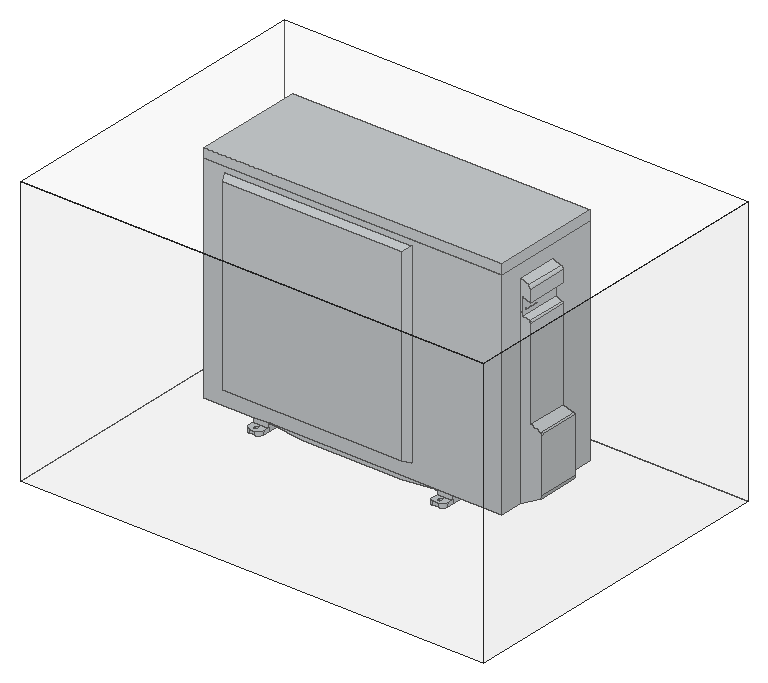
Revit family "puz-ermp40_63ska16_60hz", category 機械設備, Revit 2023
Family settings
  丸型コネクタ寸法 = 直径を使用
  パーツ タイプ = 標準
  OmniClass 番号 = 23.75.10.24.21.27.27
  OmniClass タイトル = Split System Air Conditioning Units
  作業面ベース = いいえ
  常に垂直 = はい
  ロード時にボイドで切り取り = いいえ
  注釈の向きを維持 = いいえ
  共有 = いいえ
  部屋計算ポイント = いいえ
Parameters (values of type "PUZ-ERMP40KA16")
  風量_冷房 (㎥/min) = 45
  風量 = [風量_冷房 (㎥/min)] * 60.0 m³/h  # 2700.0 m³/h
  音響パワーレベル_暖房 (dB) = 66
  音響パワーレベル_冷房 (dB) = 64
  音響パワーレベル(dB) = [音響パワーレベル_暖房 (dB)]  # 66
  電源種別 = ""
  電源位置Y = 61 mm
  電源位置Z = 497.7 mm
  電源位置X = 400 mm
  電圧 = 200 V
  電動機出力_送風機 = 0.04 kW
  電動機出力_圧縮機 = 0.7 kW
  集中コントローラ [instance] = ""
  運転質量 = 0.00 kg
  運転方法 = "冷暖切替"
  質量 = if(製品質量 > 運転質量, 製品質量, 運転質量) * 1.2  # 45.60 kg
  負荷分類 = 1_熱源類
  説明 = "空冷H/P PAC インバータ室外機"
  設計暖房能力 [instance] = 0 kW
  設計冷房能力_顕熱 [instance] = 0 kW
  設計冷房能力 [instance] = 0 kW
  設置方法 = "床置形"
  記号 [instance] = ""
  製造元 = "三菱電機株式会社"
  製品質量 = 38.00 kg
  製品出荷対象 = "国内"
  製品リリース年月 = "2026/5/11"
  系統 [instance] = ""
  符号 = "PAC"
  積算_科目 = "1 空気調和設備"
  積算_拾い区分 [instance] = ""
  相 = 3
  盤記号 [instance] = ""
  発停方法 = "別売リモコン"
  特殊仕様 [instance] = ""
  消費電力_暖房 = 0 kW
  消費電力_冷房 = 0 kW
  消費電力 = if(消費電力_冷房 > 消費電力_暖房, 消費電力_冷房, 消費電力_暖房)  # 0 kW
  法定耐用年数 = "6"
  極数 = 3
  材質 [instance] = ""
  本体マテリアル = Galvanized steel plate
  最小電線太さ_mm2 = 2
  暖房能力 = 4 kW
  既定の高さ = 0 mm
  推奨ブレーカー容量 = 15 A
  据付ピッチ1 = 0 mm
  形式 = "パッケージ形 室外機"
  形名 = PUZ-EZRMP-1 : PUZ-EZRMP-1
  幹線記号 [instance] = ""
  始動方式 = "インバータ"
  呼称 = "パッケージ形空気調和機_室外機"
  周波数 = 60 Hz
  価格 = 0
  ドレン　位置Z = 8.5 mm
  ドレン　位置Y = 48.5 mm
  ドレン　位置X = 404.5 mm
  アンカーボルト位置Y = 330 mm
  アンカーボルト位置X = 500 mm
  参照している仕様書等のバージョン = "公共建築物標準仕様書（機械設備工事編）平成31年度版"
  分類コード = "50053003126100"
  分類グループ = "設備"
  冷房能力 = 3.6 kW
  冷媒管（ガス）位置X = 420 mm
  冷媒管（液）位置X = 420 mm
  冷媒管（液）位置Y = 153.75 mm
  冷媒管（ガス）位置Y = 153.75 mm
  冷媒管長 [instance] = 0 mm
  冷媒管径符号 = "Ac"
  冷媒管径 = 60.00 mm
  冷媒管位置Z = 158.95 mm
  冷媒管位置Y = (冷媒管（液）位置Y + 冷媒管（ガス）位置Y) / 2  # 153.75 mm
  冷媒管位置X = (冷媒管（液）位置X + 冷媒管（ガス）位置X) / 2  # 420 mm
  冷媒液管径 = 6.35 mm
  冷媒ガス管径 = 12.70 mm
  企業コード = "108420"
  付属品 [instance] = ""
  ユニット数 = 1
  ユニット3 = yes
  ユニット2 = yes
  モデル = "PUZ-ERMP40KA16"
  ドレン管径 = 42.00 mm
  サービススペース = yes
  コメント [instance] = ""
  ケーブル種類1 = ""
  【値が 0 の項目は組合せ形名にてご確認ください】 = ""
  Width = 809 mm
  Version = ""
  Uniclass2015Version = "Systems v1.9"
  Uniclass2015Title = "Split coil remote air cooled condensing units"
  Uniclass2015Code = "Pr_70_65_03_84"
  URL = "https://www.mitsubishielectric.co.jp/ldg/wink/qr/002/364573"
  SpecificationReference = ""
  SpecificationDescription = ""
  Revision = ""
  ProductInformation = ""
  OmniClassCode = "23-33 17 13 11"
  IfcTypeProduct = ""
  IfcProduct = ""
  IfcExportType = "AIRCONDITIONINGUNIT"
  IfcExportAs = "IfcUnitaryEquipmentType"
  Height = 630 mm
  Depth = 300 mm
  Clearance Top = 100 mm
  Clearance Right = 350 mm
  Clearance Left = 100 mm
  Clearance Front = 500 mm
  Clearance Bottom = 0 mm
  Clearance Back = 100 mm
  COP = 0
  BLCJ仕様バージョン = "2.0"
  Author = "三菱電機株式会社"
  APF = 0
Reference planes
  plane 1 "中心(正面/背面)": y = 74
  plane 2: z = 0
  plane 3 "中心(左/右)": x = 830
  plane 4 "右": x = 1234.5
  plane 5 "左": x = 425.5
  plane 6 "背面": y = 224
  plane 7 "正面": y = -76
  plane 8 "上部": z = 630
  plane 9 "Clearanse Top": z = 730
  plane 10 "SS_back": y = 324
  plane 11 "SS_front": y = -576
  plane 12 "SS_left": x = 325.5
  plane 13 "SS_right": x = 1584.5
  plane 14: z = 0
  plane 15: y = -15
  plane 16: x = 1230
  plane 17: z = 497.7
  plane 18: y = -13
  plane 19: y = 70.25
  plane 20: x = 1250
  plane 21: y = 175.5
  plane 22: x = 830
  plane 23: z = 10.5
  plane 24: z = 8.5
  plane 25: x = 580
  plane 26: x = 1080
  plane 27: y = 239
  plane 28: y = -91
Forms (mm)
  Extrusion 1, solid, detail levels fine
    sketch origin (0, -76, 0) x (1, 0, 0) y (0, 0, 1)
      loop
        circle (1230, 497.7) r 13.5
    from -63 to -61
  Extrusion 2, solid, detail levels fine
    sketch origin (-1437.329, -1524, 54) x (-1, 0, 0) y (0, -1, 0)
      loop
        circle (-2267.329, -1699.5) r 21
    from -45.5 to -43.5
  Sweep 3, solid, material "Galvanized steel plate" <- "本体マテリアル", detail levels fine
    path origin (1250, 1296.25, 1200) x (0, 1, 0) y (0, 0, 1)
      loop
        line (-1226, -1041.05) -> (-1272.623, -1084.565)
    profile origin (1250, 46.939, 137.193) x (0, 0.682318, -0.731055) y (1, 0, 0)
      loop
        circle (0, 0) r 30
Lines and regions (mm)
  model lines, not visible
    curve 1: line (460, 178.667, 1289.179) -> (460, 297.73, 1289.179)
    curve 2: line (460, 178.667, 1056.056) -> (460, 178.667, 1289.179)
    curve 3: line (460, 297.73, 1056.056) -> (460, 178.667, 1056.056)
    curve 4: line (460, 297.73, 1289.179) -> (460, 297.73, 1056.056)
    curve 5: line (460, 47.598, 1289.179) -> (460, 166.661, 1289.179)
    curve 6: line (460, 47.598, 1056.056) -> (460, 47.598, 1289.179)
    curve 7: line (460, 166.661, 1056.056) -> (460, 47.598, 1056.056)
    curve 8: line (460, 166.661, 1289.179) -> (460, 166.661, 1056.056)
    curve 9: line (460, -83.471, 1289.179) -> (460, 35.592, 1289.179)
    curve 10: line (460, -83.471, 1056.056) -> (460, -83.471, 1289.179)
    curve 11: line (460, 35.592, 1056.056) -> (460, -83.471, 1056.056)
    curve 12: line (460, 35.592, 1289.179) -> (460, 35.592, 1056.056)
    curve 13: line (460, -150.779, 1289.179) -> (460, -95.75, 1289.179)
    curve 14: line (460, -150.779, 1056.056) -> (460, -150.779, 1289.179)
    curve 15: line (460, -95.75, 1056.056) -> (460, -150.779, 1056.056)
    curve 16: line (460, -95.75, 1289.179) -> (460, -95.75, 1056.056)
    curve 17: line (460, -150.779, 1283.175) -> (460, -132.596, 1283.175)
    curve 18: line (460, -150.779, 1062.059) -> (460, -150.779, 1283.175)
    curve 19: line (460, -132.596, 1062.059) -> (460, -150.779, 1062.059)
    curve 20: line (460, -132.596, 1283.175) -> (460, -132.596, 1062.059)
    curve 21: line (460, 178.667, 1046.051) -> (460, 297.73, 1046.051)
    curve 22: line (460, 178.667, 812.928) -> (460, 178.667, 1046.051)
    curve 23: line (460, 297.73, 812.928) -> (460, 178.667, 812.928)
    curve 24: line (460, 297.73, 1046.051) -> (460, 297.73, 812.928)
    curve 25: line (460, 47.598, 1046.051) -> (460, 166.661, 1046.051)
    curve 26: line (460, 47.598, 812.928) -> (460, 47.598, 1046.051)
    curve 27: line (460, 166.661, 812.928) -> (460, 47.598, 812.928)
    curve 28: line (460, 166.661, 1046.051) -> (460, 166.661, 812.928)
    curve 29: line (460, -83.471, 1046.051) -> (460, 35.592, 1046.051)
    curve 30: line (460, -83.471, 812.928) -> (460, -83.471, 1046.051)
    curve 31: line (460, 35.592, 812.928) -> (460, -83.471, 812.928)
    curve 32: line (460, 35.592, 1046.051) -> (460, 35.592, 812.928)
    curve 33: line (460, -150.779, 1046.051) -> (460, -95.75, 1046.051)
    curve 34: line (460, -150.779, 812.928) -> (460, -150.779, 1046.051)
    curve 35: line (460, -95.75, 812.928) -> (460, -150.779, 812.928)
    curve 36: line (460, -95.75, 1046.051) -> (460, -95.75, 812.928)
    curve 37: line (460, -150.779, 1040.048) -> (460, -132.596, 1040.048)
    curve 38: line (460, -150.779, 818.931) -> (460, -150.779, 1040.048)
    curve 39: line (460, -132.596, 818.931) -> (460, -150.779, 818.931)
    curve 40: line (460, -132.596, 1040.048) -> (460, -132.596, 818.931)
    curve 41: line (460, 178.667, 802.923) -> (460, 297.73, 802.923)
    curve 42: line (460, 178.667, 569.8) -> (460, 178.667, 802.923)
    curve 43: line (460, 297.73, 569.8) -> (460, 178.667, 569.8)
    curve 44: line (460, 297.73, 802.923) -> (460, 297.73, 569.8)
    curve 45: line (460, 47.598, 802.923) -> (460, 166.661, 802.923)
    curve 46: line (460, 47.598, 569.8) -> (460, 47.598, 802.923)
    curve 47: line (460, 166.661, 569.8) -> (460, 47.598, 569.8)
    curve 48: line (460, 166.661, 802.923) -> (460, 166.661, 569.8)
    curve 49: line (460, -83.471, 802.923) -> (460, 35.592, 802.923)
    curve 50: line (460, -83.471, 569.8) -> (460, -83.471, 802.923)
    curve 51: line (460, 35.592, 569.8) -> (460, -83.471, 569.8)
    curve 52: line (460, 35.592, 802.923) -> (460, 35.592, 569.8)
    curve 53: line (460, -150.779, 802.923) -> (460, -95.75, 802.923)
    curve 54: line (460, -150.779, 569.8) -> (460, -150.779, 802.923)
    curve 55: line (460, -95.75, 569.8) -> (460, -150.779, 569.8)
    curve 56: line (460, -95.75, 802.923) -> (460, -95.75, 569.8)
    curve 57: line (460, -150.779, 796.92) -> (460, -132.596, 796.92)
    curve 58: line (460, -150.779, 575.803) -> (460, -150.779, 796.92)
    curve 59: line (460, -132.596, 575.803) -> (460, -150.779, 575.803)
    curve 60: line (460, -132.596, 796.92) -> (460, -132.596, 575.803)
    curve 61: line (460, 178.667, 559.795) -> (460, 297.73, 559.795)
    curve 62: line (460, 178.667, 326.672) -> (460, 178.667, 559.795)
    curve 63: line (460, 297.73, 326.672) -> (460, 178.667, 326.672)
    curve 64: line (460, 297.73, 559.795) -> (460, 297.73, 326.672)
    curve 65: line (460, 47.598, 559.795) -> (460, 166.661, 559.795)
    curve 66: line (460, 47.598, 326.672) -> (460, 47.598, 559.795)
    curve 67: line (460, 166.661, 326.672) -> (460, 47.598, 326.672)
    curve 68: line (460, 166.661, 559.795) -> (460, 166.661, 326.672)
    curve 69: line (460, -83.471, 559.795) -> (460, 35.592, 559.795)
    curve 70: line (460, -83.471, 326.672) -> (460, -83.471, 559.795)
    curve 71: line (460, 35.592, 326.672) -> (460, -83.471, 326.672)
    curve 72: line (460, 35.592, 559.795) -> (460, 35.592, 326.672)
    curve 73: line (460, -150.779, 559.795) -> (460, -95.75, 559.795)
    curve 74: line (460, -150.779, 326.672) -> (460, -150.779, 559.795)
    curve 75: line (460, -95.75, 326.672) -> (460, -150.779, 326.672)
    curve 76: line (460, -95.75, 559.795) -> (460, -95.75, 326.672)
    curve 77: line (460, -150.779, 553.792) -> (460, -132.596, 553.792)
    curve 78: line (460, -150.779, 332.675) -> (460, -150.779, 553.792)
    curve 79: line (460, -132.596, 332.675) -> (460, -150.779, 332.675)
    curve 80: line (460, -132.596, 553.792) -> (460, -132.596, 332.675)
    curve 81: line (460, 178.667, 316.667) -> (460, 297.73, 316.667)
    curve 82: line (460, 178.667, 83.544) -> (460, 178.667, 316.667)
    curve 83: line (460, 297.73, 83.544) -> (460, 178.667, 83.544)
    curve 84: line (460, 297.73, 316.667) -> (460, 297.73, 83.544)
    curve 85: line (460, 47.598, 316.667) -> (460, 166.661, 316.667)
    curve 86: line (460, 47.598, 83.544) -> (460, 47.598, 316.667)
    curve 87: line (460, 166.661, 83.544) -> (460, 47.598, 83.544)
    curve 88: line (460, 166.661, 316.667) -> (460, 166.661, 83.544)
    curve 89: line (460, -83.471, 316.667) -> (460, 35.592, 316.667)
    curve 90: line (460, -83.471, 83.544) -> (460, -83.471, 316.667)
    curve 91: line (460, 35.592, 83.544) -> (460, -83.471, 83.544)
    curve 92: line (460, 35.592, 316.667) -> (460, 35.592, 83.544)
    curve 93: line (460, -150.779, 316.667) -> (460, -95.75, 316.667)
    curve 94: line (460, -150.779, 83.544) -> (460, -150.779, 316.667)
    curve 95: line (460, -95.75, 83.544) -> (460, -150.779, 83.544)
    curve 96: line (460, -95.75, 316.667) -> (460, -95.75, 83.544)
    curve 97: line (460, -150.779, 310.664) -> (460, -132.596, 310.664)
    curve 98: line (460, -150.779, 89.547) -> (460, -150.779, 310.664)
    curve 99: line (460, -132.596, 89.547) -> (460, -150.779, 89.547)
    curve 100: line (460, -132.596, 310.664) -> (460, -132.596, 89.547)
Dimensions and locks
  equal spacing: plane 7 "正面", plane 1 "中心(正面/背面)", plane 6 "背面"
  "Depth": plane 7 "正面" to plane 6 "背面"
  "Width": plane 5 "左" to plane 4 "右"
  equal spacing: plane 5 "左", plane 3 "中心(左/右)", plane 4 "右"
  "Clearance Left": plane 12 "SS_left" to plane 5 "左"
  "Clearance Right": plane 4 "右" to plane 13 "SS_right"
  "Clearance Back": plane 6 "背面" to plane 10 "SS_back"
  "Clearance Front": plane 11 "SS_front" to plane 7 "正面"
  "Height": plane 8 "上部" to level
  "Clearance Top": plane 9 "Clearanse Top" to plane 8 "上部"
  "Clearance Bottom": level to plane 14
  "電源位置X": plane 3 "中心(左/右)" to plane 16
  "電源位置Y": plane 7 "正面" to plane 15
  "電源位置Z": plane 17 to level
  locked: plane 15 to plane 18 at 2
  "冷媒管位置X": plane 3 "中心(左/右)" to plane 20
  "冷媒管位置Y": plane 19 to plane 6 "背面"
  "ドレン　位置X": plane 5 "左" to plane 22
  "ドレン　位置Y": plane 21 to plane 6 "背面"
  locked: plane 23 to plane 24 at 2
  "ドレン　位置Z": plane 24 to level
  equal spacing: plane 28, plane 1 "中心(正面/背面)", plane 27
  "アンカーボルト位置Y": plane 28 to plane 27
  equal spacing: plane 25, plane 3 "中心(左/右)", plane 26
  "アンカーボルト位置X": plane 25 to plane 26
  radius of Extrusion 1 sketch curve = 13.5 mm
  "ドレン管径": diameter of Extrusion 2 sketch curve
  "冷媒管径": diameter of Sweep 3 sketch curve
  aligned and locked: level to plane 2
  aligned and locked: plane 10 "SS_back" to nested 1  (x2)
  aligned and locked: plane 13 "SS_right" to nested 1
  aligned and locked: plane 12 "SS_left" to nested 1  (x2)
  aligned and locked: nested 1 to plane 13 "SS_right"
  aligned and locked: plane 11 "SS_front" to nested 1
  aligned and locked: plane 9 "Clearanse Top" to nested 1
  aligned and locked: plane 1 "中心(正面/背面)" to nested 2
  aligned and locked: plane 3 "中心(左/右)" to nested 2
  aligned and locked: plane 14 to nested 1
  aligned and locked: plane 17 to Extrusion 1 sketch curve
  aligned and locked: plane 16 to Extrusion 1 sketch curve
  aligned and locked: Extrusion 1 to plane 18
  aligned and locked: plane 15 to Extrusion 1
  aligned and locked: plane 22 to Extrusion 2 sketch curve
  aligned and locked: plane 21 to Extrusion 2 sketch curve
  aligned and locked: plane 23 to Extrusion 2
  aligned and locked: Extrusion 2 to plane 24
  aligned and locked: plane 25 to nested 3
  aligned and locked: plane 27 to nested 3
Automatic sketch dimensions
  Sweep 3 sketch curve to plane 18 = 36.627 mm
  plane 1 "中心(正面/背面)" to Sweep 3 sketch curve = 3.75 mm
  plane 23 to Sweep 3 sketch curve = 104.935 mm
  Sweep 3 sketch curve to Sweep 3 sketch curve = 43.515 mm
  Sweep 3 sketch curve to plane 20 = 0 mm
  Sweep 3 sketch curve to profile plane = 0 mm
Nested families
  nested 1: "サービススペース" at (955, -126, 365), visible <- "サービススペース", type "サービススペース"
    with Width 1259 mm, Height 730 mm, Depth 900 mm
  nested 2: "PUZ-EZRMP-1" at (830, 74, 0), type <- "形名", type "PUZ-EZRMP-1", detail levels fine
  nested 3: "固定点" at (580, -91, 0), type "固定点"
    with 中心円 10 mm, W 500 mm, D 330 mm
Connectors
  electrical at (1230, -15, 497.7), driven by "極数", driven by "負荷分類", driven by "電圧", driven by "消費電力"
    settings: on Extrusion 1, index 2, voltage 200 V, apparent load 0 VA, apparent load phase1 0 VA, apparent load phase2 0 VA, apparent load phase3 0 VA, power factor 1, load classification "1_熱源類", number of poles 3, system type 30, power factor state 1, is connector primary yes, connector utility no, sub classification motor no, connector description ""
  piping at (1250, 70.25, 158.95), diameter 60, driven by "冷媒管径", driven by "冷媒管径符号"
    settings: on Sweep 3, index 3, connector inside diameter 609.60 mm, connector length 0 mm, flow factor 0, pipe flow 0.0 L/s, pressure drop 0.0 Pa, fitting loss kfactor 0, connector angle 0.00°, fixture units 0, engagement length 0 mm, angle of deflection 0.00°, flow configuration 1, flow direction 2, fitting loss method 4, system type 7, joint type 0, gender type 0, connector reference index -1, connector utility 0, adjustable connector no, is connector primary yes, connector description "Ac"
Definition of nested family "サービススペース"
  Parameters (values of type "サービススペース")
    Default Elevation = 0 mm
    Width [instance] = 500 mm
    Height [instance] = 500 mm
    Depth [instance] = 500 mm
  Reference planes
    plane 1 "中心(正面/背面)": y = 0
    plane 2: z = 0
    plane 3 "中心(左/右)": x = 0
    plane 4: y = -250
    plane 5: x = 250
    plane 6: y = 250
    plane 7: x = -250
    plane 8: z = 250
    plane 9: z = -250
  Forms (mm)
    Extrusion 1, solid
      sketch origin (-638.939, 0, 72.39) x (1, 0, 0) y (0, 1, 0)
        loop
          line (388.939, 250) -> (388.939, -250) -> (888.939, -250) -> (888.939, 250) -> (388.939, 250)
      from -322.39 to 177.61
  Lines and regions (mm)
    symbolic lines
      curve 1: line (-250, 0, 250) -> (250, 0, 250)
      curve 2: line (-250, 0, -250) -> (-250, 0, 250)
      curve 3: line (250, 0, -250) -> (-250, 0, -250)
      curve 4: line (250, 0, 250) -> (250, 0, -250)
      curve 5: line (0, -250, 250) -> (0, 250, 250)
      curve 6: line (0, -250, -250) -> (0, -250, 250)
      curve 7: line (0, 250, -250) -> (0, -250, -250)
      curve 8: line (0, 250, 250) -> (0, 250, -250)
      curve 9: line (-250, 250, 0) -> (250, 250, 0)
      curve 10: line (-250, -250, 0) -> (-250, 250, 0)
      curve 11: line (250, -250, 0) -> (-250, -250, 0)
      curve 12: line (250, 250, 0) -> (250, -250, 0)
  Dimensions and locks
    equal spacing: plane 7, plane 3 "中心(左/右)", plane 5
    equal spacing: plane 4, plane 1 "中心(正面/背面)", plane 6
    "Depth": plane 4 to plane 6
    "Width": plane 7 to plane 5
    equal spacing: plane 8, plane 2, plane 9
    "Height": plane 8 to plane 9
    aligned and locked: plane 9 to curve 3
    aligned and locked: plane 7 to curve 2
    aligned and locked: curve 4 to plane 5
    aligned and locked: plane 5 to Extrusion 1
    aligned and locked: Extrusion 1 to plane 7
    aligned and locked: Extrusion 1 to plane 9
    aligned and locked: plane 8 to Extrusion 1
    aligned and locked: plane 9 to curve 7
  Automatic sketch dimensions
    plane 4 to Extrusion 1 sketch curve = 0 mm
    Extrusion 1 sketch curve to plane 7 = 0 mm
    Extrusion 1 sketch curve to plane 5 = 0 mm
    plane 6 to Extrusion 1 sketch curve = 0 mm
    curve 2 to plane 8 = 0 mm
    plane 4 to curve 11 = 0 mm
    curve 11 to plane 7 = 0 mm
    curve 11 to plane 5 = 0 mm
    plane 6 to curve 10 = 0 mm
    curve 7 to plane 4 = 0 mm
    curve 7 to plane 6 = 0 mm
    curve 6 to plane 8 = 0 mm
Definition of nested family "PUZ-EZRMP-1"
  Parameters (values of type "PUZ-EZRMP-1")
    配線取出口サイズ = 27 mm
    配線取出口-Z = 497.7 mm
    配線取出口-Y = 239 mm
    配線取出口-X = 400 mm
    液配管サイズ = 50 mm
    高さ = 630 mm
    Default Elevation = 0 mm
    換気-W = 310 mm
    換気-H2 = 632 mm
    換気-H1 = 325 mm
    換気-D = 20 mm
    奥行き = 300 mm
    吊りボルト_H = 0 mm
    吊りボルト-φ = 10 mm
    冷媒配管サイズ = 6.35 mm
    冷媒液管径-Z = 164.5 mm
    冷媒液管径-Y = 185.5 mm
    冷媒液管径-X = 420 mm
    冷媒ガス管径-Z = 99.5 mm
    冷媒ガス管径-Y = 185.5 mm
    冷媒ガス管径-X = 420 mm
    吊りボルト-W = 500 mm
    マテリアル = none
    ドレン配管サイズ = 42 mm
    ドレン管径-Z = 0 mm
    ドレン管径-Y = 251.5 mm
    ドレン管径-X = 404.5 mm
    タイプ3 = no
    タイプ2 = no
    タイプ1 = yes
    ガス配管サイズ = 12.7 mm
    吊りボルト-D = 330 mm
    幅さ = 809 mm
    a = 600 mm
  Reference planes
    plane 1 "中心(正面/背面)": y = 0
    plane 2: z = 0
    plane 3 "中心(左/右)": x = 0
    plane 4: z = 630
    plane 5: x = -404.5
    plane 6: x = 404.5
    plane 7: y = 150
    plane 8: y = -150
    plane 9: x = 466.5
    plane 10: y = -90
    plane 11: y = 20
    plane 12: z = 605
    plane 13: x = -424.5
    plane 14: x = -250
    plane 15: x = 250
    plane 16: y = 165
    plane 17: y = -165
    plane 18: x = 270
    plane 19: x = 230
    plane 20: x = -230
    plane 21: x = -270
    plane 22: y = 180
    plane 23: y = -180
    plane 24: z = 8.5
    plane 25: z = 20
    plane 26: z = 11.5
    plane 27: x = -135
    plane 28: x = 135
    plane 29: z = 625
    plane 30: y = -40
    plane 31: y = 40
    plane 32: y = -30
    plane 33: y = 30
    plane 34: z = 610
    plane 35: z = 55
    plane 36: z = 225
    plane 37: z = 570
    plane 38: x = 414.5
    plane 39: x = 435.5
    plane 40: y = -170
    plane 41: x = -94.5
    plane 42: z = 325
    plane 43: x = 159.5
    plane 44: x = -348.5
    plane 45: z = 589
    plane 46: z = 61
    plane 47: x = -338.5
    plane 48: x = 149.5
    plane 49: z = 579
    plane 50: z = 71
    plane 51: y = 100
    plane 52: y = -100
    plane 53: x = 0
    plane 54: y = 101.5
    plane 55: x = 420
    plane 56: x = 400
    plane 57: y = -89
    plane 58: y = -35.5
    plane 59: y = -35.5
    plane 60: x = 420
    plane 61: z = 99.5
    plane 62: z = 164.5
    plane 63: z = 497.7
    plane 64: y = -39
    plane 65: z = 137.3
    plane 66: z = 180.6
    plane 67: x = 420
    plane 68: y = -35.5
    plane 69 "グループ": x = -600
    plane 70: z = 1338
    plane 71: z = 943
    plane 72: z = 957
    plane 73: z = 1221
    plane 74: z = 693
    plane 75: z = 1211
    plane 76: z = 703
    plane 77: y = -12.5
    plane 78: y = 5
    plane 79: y = -3.75
  Forms (mm)
    Extrusion 1, solid, visible <- "タイプ1", detail levels fine
      sketch origin (-1437.329, -1524, 630) x (-1, 0, 0) y (0, -1, 0)
        loop
          line (-1167.329, -1674) -> (-1167.329, -1374) -> (-1207.329, -1374) -> (-1207.329, -1674) -> (-1167.329, -1674)
        loop
          line (-1667.329, -1674) -> (-1667.329, -1374) -> (-1707.329, -1374) -> (-1707.329, -1674) -> (-1667.329, -1674)
      from -630 to -610
    Extrusion 2, solid, material <- "マテリアル", visible <- "タイプ1", detail levels fine
      sketch origin (0, 0, 0) x (1, 0, 0) y (0, 0, 1)
        loop
          line (-230, 20) -> (-135, 11.5) -> (135, 11.5) -> (230, 20) -> (-230, 20)
      from -150 to 150
    Extrusion 3, solid, material <- "マテリアル", visible <- "タイプ1", detail levels fine
      sketch origin (-1437.329, -1524, 630) x (-1, 0, 0) y (0, -1, 0)
        loop
          circle (-1437.329, -1625.5) r 21
      from -621.5 to -618.5
    Extrusion 4, solid, material <- "マテリアル", visible <- "タイプ1", detail levels fine
      sketch origin (-1437.329, -1524, 630) x (-1, 0, 0) y (0, -1, 0)
        loop
          line (-1841.829, -1674) -> (-1032.829, -1674) -> (-1032.829, -1374) -> (-1841.829, -1374) -> (-1841.829, -1674)
      from -610 to -25
    Extrusion 5, solid, material <- "マテリアル", visible <- "タイプ1", detail levels fine
      sketch origin (-1437.329, -1524, 630) x (-1, 0, 0) y (0, -1, 0)
        loop
          line (-1032.829, -1674) -> (-1032.829, -1374) -> (-1841.829, -1374) -> (-1841.829, -1674) -> (-1032.829, -1674)
      from -25 to 0
    Blend 6, solid, material <- "マテリアル", visible <- "タイプ1", detail levels fine
      base sketch origin (0, 0, 0) x (0, 1, 0) y (0, 0, 1)
        loop
          line (40, 625) -> (-40, 625) -> (-40, 605) -> (40, 605) -> (40, 625)
      top sketch origin (0, 0, 0) x (0, 1, 0) y (0, 0, 1)
        loop
          line (30, 610) -> (-30, 610) -> (-30, 605) -> (30, 605) -> (30, 610)
      from -404.5 to -424.5
    Extrusion 7, solid, material <- "マテリアル", visible <- "タイプ1", detail levels fine
      sketch origin (0, 0, 0) x (1, 0, 0) y (0, 0, 1)
        loop
          line (404.5, 570) -> (404.5, 20) -> (461.416, 52.13)
          arc (461.416, 52.13) -> (465.136, 55.796) -> (466.5, 60.838) r 10
          line (466.5, 60.838) -> (466.5, 210.216)
          arc (466.5, 210.216) -> (465.596, 213.084) -> (463.21, 214.914) r 5
          line (463.21, 214.914) -> (435.5, 225) -> (435.5, 470.082)
          arc (435.5, 470.082) -> (434.596, 472.95) -> (432.21, 474.78) r 5
          line (432.21, 474.78) -> (414.5, 481.226) -> (414.5, 529.114) -> (435.5, 521.471) -> (435.5, 551.715)
          arc (435.5, 551.715) -> (433.692, 557.451) -> (428.92, 561.112) r 10
          line (428.92, 561.112) -> (404.5, 570)
      from -20 to 90
    Blend 8, solid, material <- "マテリアル", visible <- "タイプ1", detail levels fine
      base sketch origin (0, 0, 0) x (1, 0, 0) y (0, 0, 1)
        loop
          line (-348.5, 589) -> (-348.5, 61) -> (159.5, 61) -> (159.5, 589) -> (-348.5, 589)
      top sketch origin (0, 0, 0) x (1, 0, 0) y (0, 0, 1)
        loop
          line (-338.5, 579) -> (-338.5, 71) -> (149.5, 71) -> (149.5, 579) -> (-338.5, 579)
      from 150 to 170
    Extrusion 9, solid, material <- "マテリアル", visible <- "タイプ1", detail levels fine
      sketch origin (1480.036, -170, 1200) x (1, 0, 0) y (0, 0, 1)
        loop
          circle (-1080.036, -702.3) r 13.5
      from -131 to -81
    Extrusion 10, solid, visible <- "タイプ1", detail levels fine
      sketch origin (-1437.329, -1524, 630) x (-1, 0, 0) y (0, -1, 0)
        loop
          line (-1167.329, -1704) -> (-1167.329, -1674) -> (-1207.329, -1674) -> (-1207.329, -1704) -> (-1192.329, -1704) -> (-1192.329, -1689)
          arc (-1192.329, -1689) -> (-1187.329, -1684) -> (-1182.329, -1689) r 5
          line (-1182.329, -1689) -> (-1182.329, -1704) -> (-1167.329, -1704)
        loop
          line (-1667.329, -1704) -> (-1667.329, -1674) -> (-1707.329, -1674) -> (-1707.329, -1704) -> (-1692.329, -1704) -> (-1692.329, -1689)
          arc (-1692.329, -1689) -> (-1687.329, -1684) -> (-1682.329, -1689) r 5
          line (-1682.329, -1689) -> (-1682.329, -1704) -> (-1667.329, -1704)
        loop
          line (-1667.329, -1374) -> (-1667.329, -1354)
          arc (-1667.329, -1354) -> (-1670.258, -1346.929) -> (-1677.329, -1344) r 10
          line (-1677.329, -1344) -> (-1694.129, -1344)
          arc (-1694.129, -1344) -> (-1703.463, -1347.866) -> (-1707.329, -1357.2) r 13.2
          line (-1707.329, -1357.2) -> (-1707.329, -1374) -> (-1667.329, -1374)
        loop
          line (-1167.329, -1374) -> (-1167.329, -1357.2)
          arc (-1167.329, -1357.2) -> (-1171.196, -1347.866) -> (-1180.529, -1344) r 13.2
          line (-1180.529, -1344) -> (-1194.129, -1344)
          arc (-1194.129, -1344) -> (-1203.463, -1347.866) -> (-1207.329, -1357.2) r 13.2
          line (-1207.329, -1357.2) -> (-1207.329, -1374) -> (-1167.329, -1374)
        loop
          arc (-1192.329, -1359) -> (-1187.329, -1364) -> (-1182.329, -1359) r 5
          line (-1182.329, -1359) -> (-1182.329, -1357.2)
          arc (-1182.329, -1357.2) -> (-1187.329, -1352.2) -> (-1192.329, -1357.2) r 5
          line (-1192.329, -1357.2) -> (-1192.329, -1359)
        loop
          arc (-1692.329, -1359) -> (-1687.329, -1364) -> (-1682.329, -1359) r 5
          line (-1682.329, -1359) -> (-1682.329, -1357.2)
          arc (-1682.329, -1357.2) -> (-1687.329, -1352.2) -> (-1692.329, -1357.2) r 5
          line (-1692.329, -1357.2) -> (-1692.329, -1359)
      from -621.5 to -630
    Sweep 11, solid, material <- "マテリアル", visible <- "タイプ1", detail levels fine
      path origin (420, 1296.25, 1200) x (0, 1, 0) y (0, 0, 1)
        loop
          line (-1331.75, -1035.5) -> (-1308.75, -1019.4)
      profile origin (420, -24, 172.55) x (0, -0.573462, 0.819232) y (1, 0, 0)
        loop
          circle (0, 0) r 3.175
    Sweep 12, solid, material <- "マテリアル", visible <- "タイプ1", detail levels fine
      path origin (420, 1296.25, 1200) x (0, 1, 0) y (0, 0, 1)
        loop
          line (-1331.75, -1100.5) -> (-1291.25, -1062.7)
      profile origin (420, -15.25, 118.4) x (0, -0.682318, 0.731055) y (1, 0, 0)
        loop
          circle (0, 0) r 6.35
  Lines and regions (mm)
    Masking region 1, visible <- "タイプ1", detail levels coarse+medium
      outline origin (-1437.329, -1524, 630) x (-1, 0, 0) y (0, -1, 0)
        loop
          line (-1841.829, -1674) -> (-1707.329, -1674) -> (-1707.329, -1704) -> (-1667.329, -1704) -> (-1667.329, -1674) -> (-1207.329, -1674) -> (-1207.329, -1704) -> (-1167.329, -1704) -> (-1167.329, -1674) -> (-1032.829, -1674) -> (-1032.829, -1564) -> (-1012.829, -1554) -> (-1012.829, -1494) -> (-1032.829, -1484) -> (-1032.829, -1374) -> (-1088.829, -1374) -> (-1098.829, -1354) -> (-1164.523, -1354)
          arc (-1164.523, -1354) -> (-1169.205, -1346.796) -> (-1177.329, -1344) r 13.2
          line (-1177.329, -1344) -> (-1193.997, -1344)
          arc (-1193.997, -1344) -> (-1202.121, -1346.796) -> (-1206.804, -1354) r 13.2
          line (-1206.804, -1354) -> (-1586.829, -1354) -> (-1596.829, -1374) -> (-1667.329, -1374) -> (-1667.329, -1354)
          arc (-1667.329, -1354) -> (-1670.258, -1346.929) -> (-1677.329, -1344) r 10
          line (-1677.329, -1344) -> (-1694.129, -1344)
          arc (-1694.129, -1344) -> (-1703.463, -1347.866) -> (-1707.329, -1357.2) r 13.2
          line (-1707.329, -1357.2) -> (-1707.329, -1374) -> (-1841.829, -1374) -> (-1841.829, -1434) -> (-1903.829, -1434) -> (-1903.829, -1544) -> (-1841.829, -1544) -> (-1841.829, -1674)
    model lines, visible <- "タイプ1", detail levels fine
      curve 1: line (324.5, 100, 630) -> (-324.5, 100, 630)
      curve 2: line (-324.5, -100, 630) -> (324.5, -100, 630)
      curve 3: line (-324.5, -40, 630) -> (324.5, -40, 630)
      curve 4: line (324.5, 40, 630) -> (-324.5, 40, 630)
      curve 5: line (-324.5, -30, 630) -> (324.5, -30, 630)
      curve 6: line (324.5, 30, 630) -> (-324.5, 30, 630)
      curve 7: line (-324.5, 100, 630) -> (-324.5, 40, 630)
      curve 8: line (324.5, -100, 630) -> (324.5, -40, 630)
      curve 9: line (-324.5, 30, 630) -> (-324.5, -30, 630)
      curve 10: line (-324.5, -40, 630) -> (-324.5, -100, 630)
      curve 11: line (324.5, -30, 630) -> (324.5, 30, 630)
      curve 12: line (324.5, 40, 630) -> (324.5, 100, 630)
      curve 13: line (354.5, -100, 630) -> (354.5, 100, 630)
      curve 14: line (339.5, -100, 630) -> (339.5, 100, 630)
      curve 15: line (-354.5, 100, 630) -> (-354.5, -100, 630)
      curve 16: line (-339.5, 100, 630) -> (-339.5, -100, 630)
      curve 17: line (-339.5, 100, 630) -> (-354.5, 100, 630)
      curve 18: line (-339.5, -100, 630) -> (-354.5, -100, 630)
      curve 19: line (339.5, 100, 630) -> (354.5, 100, 630)
      curve 20: line (339.5, -100, 630) -> (354.5, -100, 630)
      curve 21: line (-338.5, -170, 372.5) -> (149.5, -170, 372.5)
      curve 22: line (149.5, -170, 277.5) -> (-338.5, -170, 277.5)
      curve 23: line (-338.5, -170, 467.5) -> (149.5, -170, 467.5)
      curve 24: line (-338.5, -170, 562.5) -> (149.5, -170, 562.5)
      curve 25: line (149.5, -170, 182.5) -> (-338.5, -170, 182.5)
      curve 26: line (149.5, -170, 87.5) -> (-338.5, -170, 87.5)
      curve 27: line (-321.071, -170, 579) -> (-321.071, -170, 71)
      curve 28: line (132.071, -170, 71) -> (132.071, -170, 579)
      curve 29: line (-303.643, -170, 579) -> (-303.643, -170, 71)
      curve 30: line (-286.214, -170, 579) -> (-286.214, -170, 71)
      curve 31: line (-268.786, -170, 579) -> (-268.786, -170, 71)
      curve 32: line (-251.357, -170, 579) -> (-251.357, -170, 71)
      curve 33: line (-233.929, -170, 579) -> (-233.929, -170, 71)
      curve 34: line (-216.5, -170, 579) -> (-216.5, -170, 71)
      curve 35: line (-199.071, -170, 579) -> (-199.071, -170, 71)
      curve 36: line (-181.643, -170, 579) -> (-181.643, -170, 71)
      curve 37: line (-164.214, -170, 579) -> (-164.214, -170, 71)
      curve 38: line (-146.786, -170, 579) -> (-146.786, -170, 71)
      curve 39: line (-129.357, -170, 579) -> (-129.357, -170, 71)
      curve 40: line (-111.929, -170, 579) -> (-111.929, -170, 71)
      curve 41: line (-94.5, -170, 579) -> (-94.5, -170, 71)
      curve 42: line (-77.071, -170, 579) -> (-77.071, -170, 71)
      curve 43: line (-59.643, -170, 579) -> (-59.643, -170, 71)
      curve 44: line (-42.214, -170, 579) -> (-42.214, -170, 71)
      curve 45: line (-24.786, -170, 579) -> (-24.786, -170, 71)
      curve 46: line (-7.357, -170, 579) -> (-7.357, -170, 71)
      curve 47: line (10.071, -170, 579) -> (10.071, -170, 71)
      curve 48: line (27.5, -170, 579) -> (27.5, -170, 71)
      curve 49: line (44.929, -170, 579) -> (44.929, -170, 71)
      curve 50: line (62.357, -170, 579) -> (62.357, -170, 71)
      curve 51: line (79.786, -170, 579) -> (79.786, -170, 71)
      curve 52: line (97.214, -170, 579) -> (97.214, -170, 71)
      curve 53: line (114.643, -170, 579) -> (114.643, -170, 71)
      curve 54: line (-404.5, -10, 574) -> (-404.5, -10, 584)
      curve 55: line (-404.5, -100, 584) -> (-404.5, -100, 574)
      curve 56: line (-404.5, 100, 584) -> (-404.5, 100, 574)
      curve 57: line (-404.5, 10, 584) -> (-404.5, 10, 574)
      curve 58: line (-404.5, 95, 589) -> (-404.5, 15, 589)
      curve 59: line (-404.5, -15, 589) -> (-404.5, -95, 589)
      curve 60: line (-404.5, -15, 569) -> (-404.5, -95, 569)
      curve 61: line (-404.5, 95, 569) -> (-404.5, 15, 569)
      curve 62: arc (-404.5, 100, 584) -> (-404.5, 98.536, 587.536) -> (-404.5, 95, 589) r 5
      curve 63: arc (-404.5, 95, 569) -> (-404.5, 98.536, 570.464) -> (-404.5, 100, 574) r 5
      curve 64: arc (-404.5, 10, 584) -> (-404.5, 11.464, 587.536) -> (-404.5, 15, 589) r 5
      curve 65: arc (-404.5, 10, 574) -> (-404.5, 11.464, 570.464) -> (-404.5, 15, 569) r 5
      curve 66: arc (-404.5, -10, 584) -> (-404.5, -11.464, 587.536) -> (-404.5, -15, 589) r 5
      curve 67: arc (-404.5, -15, 569) -> (-404.5, -11.464, 570.464) -> (-404.5, -10, 574) r 5
      curve 68: arc (-404.5, -95, 589) -> (-404.5, -98.536, 587.536) -> (-404.5, -100, 584) r 5
      curve 69: arc (-404.5, -100, 574) -> (-404.5, -98.536, 570.464) -> (-404.5, -95, 569) r 5
      curve 70: line (-404.5, -10, 544) -> (-404.5, -10, 554)
      curve 71: line (-404.5, -100, 554) -> (-404.5, -100, 544)
      curve 72: line (-404.5, 100, 554) -> (-404.5, 100, 544)
      curve 73: line (-404.5, 10, 554) -> (-404.5, 10, 544)
      curve 74: line (-404.5, 95, 559) -> (-404.5, 15, 559)
      curve 75: line (-404.5, -15, 559) -> (-404.5, -95, 559)
      curve 76: line (-404.5, -15, 539) -> (-404.5, -95, 539)
      curve 77: line (-404.5, 95, 539) -> (-404.5, 15, 539)
      curve 78: arc (-404.5, 100, 554) -> (-404.5, 98.536, 557.536) -> (-404.5, 95, 559) r 5
      curve 79: arc (-404.5, 95, 539) -> (-404.5, 98.536, 540.464) -> (-404.5, 100, 544) r 5
      curve 80: arc (-404.5, 10, 554) -> (-404.5, 11.464, 557.536) -> (-404.5, 15, 559) r 5
      curve 81: arc (-404.5, 10, 544) -> (-404.5, 11.464, 540.464) -> (-404.5, 15, 539) r 5
      curve 82: arc (-404.5, -10, 554) -> (-404.5, -11.464, 557.536) -> (-404.5, -15, 559) r 5
      curve 83: arc (-404.5, -15, 539) -> (-404.5, -11.464, 540.464) -> (-404.5, -10, 544) r 5
      curve 84: arc (-404.5, -95, 559) -> (-404.5, -98.536, 557.536) -> (-404.5, -100, 554) r 5
      curve 85: arc (-404.5, -100, 544) -> (-404.5, -98.536, 540.464) -> (-404.5, -95, 539) r 5
      curve 86: line (-404.5, -10, 514) -> (-404.5, -10, 524)
      curve 87: line (-404.5, -100, 524) -> (-404.5, -100, 514)
      curve 88: line (-404.5, 100, 524) -> (-404.5, 100, 514)
      curve 89: line (-404.5, 10, 524) -> (-404.5, 10, 514)
      curve 90: line (-404.5, 95, 529) -> (-404.5, 15, 529)
      curve 91: line (-404.5, -15, 529) -> (-404.5, -95, 529)
      curve 92: line (-404.5, -15, 509) -> (-404.5, -95, 509)
      curve 93: line (-404.5, 95, 509) -> (-404.5, 15, 509)
      curve 94: arc (-404.5, 100, 524) -> (-404.5, 98.536, 527.536) -> (-404.5, 95, 529) r 5
      curve 95: arc (-404.5, 95, 509) -> (-404.5, 98.536, 510.464) -> (-404.5, 100, 514) r 5
      curve 96: arc (-404.5, 10, 524) -> (-404.5, 11.464, 527.536) -> (-404.5, 15, 529) r 5
      curve 97: arc (-404.5, 10, 514) -> (-404.5, 11.464, 510.464) -> (-404.5, 15, 509) r 5
      curve 98: arc (-404.5, -10, 524) -> (-404.5, -11.464, 527.536) -> (-404.5, -15, 529) r 5
      curve 99: arc (-404.5, -15, 509) -> (-404.5, -11.464, 510.464) -> (-404.5, -10, 514) r 5
      curve 100: arc (-404.5, -95, 529) -> (-404.5, -98.536, 527.536) -> (-404.5, -100, 524) r 5
      curve 101: arc (-404.5, -100, 514) -> (-404.5, -98.536, 510.464) -> (-404.5, -95, 509) r 5
      curve 102: line (-404.5, -10, 484) -> (-404.5, -10, 494)
      curve 103: line (-404.5, -100, 494) -> (-404.5, -100, 484)
      curve 104: line (-404.5, 100, 494) -> (-404.5, 100, 484)
      curve 105: line (-404.5, 10, 494) -> (-404.5, 10, 484)
      curve 106: line (-404.5, 95, 499) -> (-404.5, 15, 499)
      curve 107: line (-404.5, -15, 499) -> (-404.5, -95, 499)
      curve 108: line (-404.5, -15, 479) -> (-404.5, -95, 479)
      curve 109: line (-404.5, 95, 479) -> (-404.5, 15, 479)
      curve 110: arc (-404.5, 100, 494) -> (-404.5, 98.536, 497.536) -> (-404.5, 95, 499) r 5
      curve 111: arc (-404.5, 95, 479) -> (-404.5, 98.536, 480.464) -> (-404.5, 100, 484) r 5
      curve 112: arc (-404.5, 10, 494) -> (-404.5, 11.464, 497.536) -> (-404.5, 15, 499) r 5
      curve 113: arc (-404.5, 10, 484) -> (-404.5, 11.464, 480.464) -> (-404.5, 15, 479) r 5
      curve 114: arc (-404.5, -10, 494) -> (-404.5, -11.464, 497.536) -> (-404.5, -15, 499) r 5
      curve 115: arc (-404.5, -15, 479) -> (-404.5, -11.464, 480.464) -> (-404.5, -10, 484) r 5
      curve 116: arc (-404.5, -95, 499) -> (-404.5, -98.536, 497.536) -> (-404.5, -100, 494) r 5
      curve 117: arc (-404.5, -100, 484) -> (-404.5, -98.536, 480.464) -> (-404.5, -95, 479) r 5
      curve 118: line (-404.5, -10, 454) -> (-404.5, -10, 464)
      curve 119: line (-404.5, -100, 464) -> (-404.5, -100, 454)
      curve 120: line (-404.5, 100, 464) -> (-404.5, 100, 454)
      curve 121: line (-404.5, 10, 464) -> (-404.5, 10, 454)
      curve 122: line (-404.5, 95, 469) -> (-404.5, 15, 469)
      curve 123: line (-404.5, -15, 469) -> (-404.5, -95, 469)
      curve 124: line (-404.5, -15, 449) -> (-404.5, -95, 449)
      curve 125: line (-404.5, 95, 449) -> (-404.5, 15, 449)
      curve 126: arc (-404.5, 100, 464) -> (-404.5, 98.536, 467.536) -> (-404.5, 95, 469) r 5
      curve 127: arc (-404.5, 95, 449) -> (-404.5, 98.536, 450.464) -> (-404.5, 100, 454) r 5
      curve 128: arc (-404.5, 10, 464) -> (-404.5, 11.464, 467.536) -> (-404.5, 15, 469) r 5
      curve 129: arc (-404.5, 10, 454) -> (-404.5, 11.464, 450.464) -> (-404.5, 15, 449) r 5
      curve 130: arc (-404.5, -10, 464) -> (-404.5, -11.464, 467.536) -> (-404.5, -15, 469) r 5
      curve 131: arc (-404.5, -15, 449) -> (-404.5, -11.464, 450.464) -> (-404.5, -10, 454) r 5
      curve 132: arc (-404.5, -95, 469) -> (-404.5, -98.536, 467.536) -> (-404.5, -100, 464) r 5
      curve 133: arc (-404.5, -100, 454) -> (-404.5, -98.536, 450.464) -> (-404.5, -95, 449) r 5
      curve 134: line (-404.5, -10, 424) -> (-404.5, -10, 434)
      curve 135: line (-404.5, -100, 434) -> (-404.5, -100, 424)
      curve 136: line (-404.5, 100, 434) -> (-404.5, 100, 424)
      curve 137: line (-404.5, 10, 434) -> (-404.5, 10, 424)
      curve 138: line (-404.5, 95, 439) -> (-404.5, 15, 439)
      curve 139: line (-404.5, -15, 439) -> (-404.5, -95, 439)
      curve 140: line (-404.5, -15, 419) -> (-404.5, -95, 419)
      curve 141: line (-404.5, 95, 419) -> (-404.5, 15, 419)
      curve 142: arc (-404.5, 100, 434) -> (-404.5, 98.536, 437.536) -> (-404.5, 95, 439) r 5
      curve 143: arc (-404.5, 95, 419) -> (-404.5, 98.536, 420.464) -> (-404.5, 100, 424) r 5
      curve 144: arc (-404.5, 10, 434) -> (-404.5, 11.464, 437.536) -> (-404.5, 15, 439) r 5
      curve 145: arc (-404.5, 10, 424) -> (-404.5, 11.464, 420.464) -> (-404.5, 15, 419) r 5
      curve 146: arc (-404.5, -10, 434) -> (-404.5, -11.464, 437.536) -> (-404.5, -15, 439) r 5
      curve 147: arc (-404.5, -15, 419) -> (-404.5, -11.464, 420.464) -> (-404.5, -10, 424) r 5
      curve 148: arc (-404.5, -95, 439) -> (-404.5, -98.536, 437.536) -> (-404.5, -100, 434) r 5
      curve 149: arc (-404.5, -100, 424) -> (-404.5, -98.536, 420.464) -> (-404.5, -95, 419) r 5
      curve 150: line (-404.5, -10, 394) -> (-404.5, -10, 404)
      curve 151: line (-404.5, -100, 404) -> (-404.5, -100, 394)
      curve 152: line (-404.5, 100, 404) -> (-404.5, 100, 394)
      curve 153: line (-404.5, 10, 404) -> (-404.5, 10, 394)
      curve 154: line (-404.5, 95, 409) -> (-404.5, 15, 409)
      curve 155: line (-404.5, -15, 409) -> (-404.5, -95, 409)
      curve 156: line (-404.5, -15, 389) -> (-404.5, -95, 389)
      curve 157: line (-404.5, 95, 389) -> (-404.5, 15, 389)
      curve 158: arc (-404.5, 100, 404) -> (-404.5, 98.536, 407.536) -> (-404.5, 95, 409) r 5
      curve 159: arc (-404.5, 95, 389) -> (-404.5, 98.536, 390.464) -> (-404.5, 100, 394) r 5
      curve 160: arc (-404.5, 10, 404) -> (-404.5, 11.464, 407.536) -> (-404.5, 15, 409) r 5
      curve 161: arc (-404.5, 10, 394) -> (-404.5, 11.464, 390.464) -> (-404.5, 15, 389) r 5
      curve 162: arc (-404.5, -10, 404) -> (-404.5, -11.464, 407.536) -> (-404.5, -15, 409) r 5
      curve 163: arc (-404.5, -15, 389) -> (-404.5, -11.464, 390.464) -> (-404.5, -10, 394) r 5
      curve 164: arc (-404.5, -95, 409) -> (-404.5, -98.536, 407.536) -> (-404.5, -100, 404) r 5
      curve 165: arc (-404.5, -100, 394) -> (-404.5, -98.536, 390.464) -> (-404.5, -95, 389) r 5
      curve 166: line (-404.5, -10, 364) -> (-404.5, -10, 374)
      curve 167: line (-404.5, -100, 374) -> (-404.5, -100, 364)
      curve 168: line (-404.5, 100, 374) -> (-404.5, 100, 364)
      curve 169: line (-404.5, 10, 374) -> (-404.5, 10, 364)
      curve 170: line (-404.5, 95, 379) -> (-404.5, 15, 379)
      curve 171: line (-404.5, -15, 379) -> (-404.5, -95, 379)
      curve 172: line (-404.5, -15, 359) -> (-404.5, -95, 359)
      curve 173: line (-404.5, 95, 359) -> (-404.5, 15, 359)
      curve 174: arc (-404.5, 100, 374) -> (-404.5, 98.536, 377.536) -> (-404.5, 95, 379) r 5
      curve 175: arc (-404.5, 95, 359) -> (-404.5, 98.536, 360.464) -> (-404.5, 100, 364) r 5
      curve 176: arc (-404.5, 10, 374) -> (-404.5, 11.464, 377.536) -> (-404.5, 15, 379) r 5
      curve 177: arc (-404.5, 10, 364) -> (-404.5, 11.464, 360.464) -> (-404.5, 15, 359) r 5
      curve 178: arc (-404.5, -10, 374) -> (-404.5, -11.464, 377.536) -> (-404.5, -15, 379) r 5
      curve 179: arc (-404.5, -15, 359) -> (-404.5, -11.464, 360.464) -> (-404.5, -10, 364) r 5
      curve 180: arc (-404.5, -95, 379) -> (-404.5, -98.536, 377.536) -> (-404.5, -100, 374) r 5
      curve 181: arc (-404.5, -100, 364) -> (-404.5, -98.536, 360.464) -> (-404.5, -95, 359) r 5
      curve 182: line (-404.5, -10, 334) -> (-404.5, -10, 344)
      curve 183: line (-404.5, -100, 344) -> (-404.5, -100, 334)
      curve 184: line (-404.5, 100, 344) -> (-404.5, 100, 334)
      curve 185: line (-404.5, 10, 344) -> (-404.5, 10, 334)
      curve 186: line (-404.5, 95, 349) -> (-404.5, 15, 349)
      curve 187: line (-404.5, -15, 349) -> (-404.5, -95, 349)
      curve 188: line (-404.5, -15, 329) -> (-404.5, -95, 329)
      curve 189: line (-404.5, 95, 329) -> (-404.5, 15, 329)
      curve 190: arc (-404.5, 100, 344) -> (-404.5, 98.536, 347.536) -> (-404.5, 95, 349) r 5
      curve 191: arc (-404.5, 95, 329) -> (-404.5, 98.536, 330.464) -> (-404.5, 100, 334) r 5
      curve 192: arc (-404.5, 10, 344) -> (-404.5, 11.464, 347.536) -> (-404.5, 15, 349) r 5
      curve 193: arc (-404.5, 10, 334) -> (-404.5, 11.464, 330.464) -> (-404.5, 15, 329) r 5
      curve 194: arc (-404.5, -10, 344) -> (-404.5, -11.464, 347.536) -> (-404.5, -15, 349) r 5
      curve 195: arc (-404.5, -15, 329) -> (-404.5, -11.464, 330.464) -> (-404.5, -10, 334) r 5
      curve 196: arc (-404.5, -95, 349) -> (-404.5, -98.536, 347.536) -> (-404.5, -100, 344) r 5
      curve 197: arc (-404.5, -100, 334) -> (-404.5, -98.536, 330.464) -> (-404.5, -95, 329) r 5
      curve 198: line (-404.5, -10, 304) -> (-404.5, -10, 314)
      curve 199: line (-404.5, -100, 314) -> (-404.5, -100, 304)
      curve 200: line (-404.5, 100, 314) -> (-404.5, 100, 304)
      curve 201: line (-404.5, 10, 314) -> (-404.5, 10, 304)
      curve 202: line (-404.5, 95, 319) -> (-404.5, 15, 319)
      curve 203: line (-404.5, -15, 319) -> (-404.5, -95, 319)
      curve 204: line (-404.5, -15, 299) -> (-404.5, -95, 299)
      curve 205: line (-404.5, 95, 299) -> (-404.5, 15, 299)
      curve 206: arc (-404.5, 100, 314) -> (-404.5, 98.536, 317.536) -> (-404.5, 95, 319) r 5
      curve 207: arc (-404.5, 95, 299) -> (-404.5, 98.536, 300.464) -> (-404.5, 100, 304) r 5
      curve 208: arc (-404.5, 10, 314) -> (-404.5, 11.464, 317.536) -> (-404.5, 15, 319) r 5
      curve 209: arc (-404.5, 10, 304) -> (-404.5, 11.464, 300.464) -> (-404.5, 15, 299) r 5
      curve 210: arc (-404.5, -10, 314) -> (-404.5, -11.464, 317.536) -> (-404.5, -15, 319) r 5
      curve 211: arc (-404.5, -15, 299) -> (-404.5, -11.464, 300.464) -> (-404.5, -10, 304) r 5
      curve 212: arc (-404.5, -95, 319) -> (-404.5, -98.536, 317.536) -> (-404.5, -100, 314) r 5
      curve 213: arc (-404.5, -100, 304) -> (-404.5, -98.536, 300.464) -> (-404.5, -95, 299) r 5
      curve 214: line (-404.5, -10, 274) -> (-404.5, -10, 284)
      curve 215: line (-404.5, -100, 284) -> (-404.5, -100, 274)
      curve 216: line (-404.5, 100, 284) -> (-404.5, 100, 274)
      curve 217: line (-404.5, 10, 284) -> (-404.5, 10, 274)
      curve 218: line (-404.5, 95, 289) -> (-404.5, 15, 289)
      curve 219: line (-404.5, -15, 289) -> (-404.5, -95, 289)
      curve 220: line (-404.5, -15, 269) -> (-404.5, -95, 269)
      curve 221: line (-404.5, 95, 269) -> (-404.5, 15, 269)
      curve 222: arc (-404.5, 100, 284) -> (-404.5, 98.536, 287.536) -> (-404.5, 95, 289) r 5
      curve 223: arc (-404.5, 95, 269) -> (-404.5, 98.536, 270.464) -> (-404.5, 100, 274) r 5
      curve 224: arc (-404.5, 10, 284) -> (-404.5, 11.464, 287.536) -> (-404.5, 15, 289) r 5
      curve 225: arc (-404.5, 10, 274) -> (-404.5, 11.464, 270.464) -> (-404.5, 15, 269) r 5
      curve 226: arc (-404.5, -10, 284) -> (-404.5, -11.464, 287.536) -> (-404.5, -15, 289) r 5
      curve 227: arc (-404.5, -15, 269) -> (-404.5, -11.464, 270.464) -> (-404.5, -10, 274) r 5
      curve 228: arc (-404.5, -95, 289) -> (-404.5, -98.536, 287.536) -> (-404.5, -100, 284) r 5
      curve 229: arc (-404.5, -100, 274) -> (-404.5, -98.536, 270.464) -> (-404.5, -95, 269) r 5
      curve 230: line (-404.5, -10, 244) -> (-404.5, -10, 254)
      curve 231: line (-404.5, -100, 254) -> (-404.5, -100, 244)
      curve 232: line (-404.5, 100, 254) -> (-404.5, 100, 244)
      curve 233: line (-404.5, 10, 254) -> (-404.5, 10, 244)
      curve 234: line (-404.5, 95, 259) -> (-404.5, 15, 259)
      curve 235: line (-404.5, -15, 259) -> (-404.5, -95, 259)
      curve 236: line (-404.5, -15, 239) -> (-404.5, -95, 239)
      curve 237: line (-404.5, 95, 239) -> (-404.5, 15, 239)
      curve 238: arc (-404.5, 100, 254) -> (-404.5, 98.536, 257.536) -> (-404.5, 95, 259) r 5
      curve 239: arc (-404.5, 95, 239) -> (-404.5, 98.536, 240.464) -> (-404.5, 100, 244) r 5
      curve 240: arc (-404.5, 10, 254) -> (-404.5, 11.464, 257.536) -> (-404.5, 15, 259) r 5
      curve 241: arc (-404.5, 10, 244) -> (-404.5, 11.464, 240.464) -> (-404.5, 15, 239) r 5
      curve 242: arc (-404.5, -10, 254) -> (-404.5, -11.464, 257.536) -> (-404.5, -15, 259) r 5
      curve 243: arc (-404.5, -15, 239) -> (-404.5, -11.464, 240.464) -> (-404.5, -10, 244) r 5
      curve 244: arc (-404.5, -95, 259) -> (-404.5, -98.536, 257.536) -> (-404.5, -100, 254) r 5
      curve 245: arc (-404.5, -100, 244) -> (-404.5, -98.536, 240.464) -> (-404.5, -95, 239) r 5
      curve 246: line (-404.5, -10, 214) -> (-404.5, -10, 224)
      curve 247: line (-404.5, -100, 224) -> (-404.5, -100, 214)
      curve 248: line (-404.5, 100, 224) -> (-404.5, 100, 214)
      curve 249: line (-404.5, 10, 224) -> (-404.5, 10, 214)
      curve 250: line (-404.5, 95, 229) -> (-404.5, 15, 229)
      curve 251: line (-404.5, -15, 229) -> (-404.5, -95, 229)
      curve 252: line (-404.5, -15, 209) -> (-404.5, -95, 209)
      curve 253: line (-404.5, 95, 209) -> (-404.5, 15, 209)
      curve 254: arc (-404.5, 100, 224) -> (-404.5, 98.536, 227.536) -> (-404.5, 95, 229) r 5
      curve 255: arc (-404.5, 95, 209) -> (-404.5, 98.536, 210.464) -> (-404.5, 100, 214) r 5
      curve 256: arc (-404.5, 10, 224) -> (-404.5, 11.464, 227.536) -> (-404.5, 15, 229) r 5
      curve 257: arc (-404.5, 10, 214) -> (-404.5, 11.464, 210.464) -> (-404.5, 15, 209) r 5
      curve 258: arc (-404.5, -10, 224) -> (-404.5, -11.464, 227.536) -> (-404.5, -15, 229) r 5
      curve 259: arc (-404.5, -15, 209) -> (-404.5, -11.464, 210.464) -> (-404.5, -10, 214) r 5
      curve 260: arc (-404.5, -95, 229) -> (-404.5, -98.536, 227.536) -> (-404.5, -100, 224) r 5
      curve 261: arc (-404.5, -100, 214) -> (-404.5, -98.536, 210.464) -> (-404.5, -95, 209) r 5
      curve 262: line (-404.5, -10, 184) -> (-404.5, -10, 194)
      curve 263: line (-404.5, -100, 194) -> (-404.5, -100, 184)
      curve 264: line (-404.5, 100, 194) -> (-404.5, 100, 184)
      curve 265: line (-404.5, 10, 194) -> (-404.5, 10, 184)
      curve 266: line (-404.5, 95, 199) -> (-404.5, 15, 199)
      curve 267: line (-404.5, -15, 199) -> (-404.5, -95, 199)
      curve 268: line (-404.5, -15, 179) -> (-404.5, -95, 179)
      curve 269: line (-404.5, 95, 179) -> (-404.5, 15, 179)
      curve 270: arc (-404.5, 100, 194) -> (-404.5, 98.536, 197.536) -> (-404.5, 95, 199) r 5
      curve 271: arc (-404.5, 95, 179) -> (-404.5, 98.536, 180.464) -> (-404.5, 100, 184) r 5
      curve 272: arc (-404.5, 10, 194) -> (-404.5, 11.464, 197.536) -> (-404.5, 15, 199) r 5
      curve 273: arc (-404.5, 10, 184) -> (-404.5, 11.464, 180.464) -> (-404.5, 15, 179) r 5
      curve 274: arc (-404.5, -10, 194) -> (-404.5, -11.464, 197.536) -> (-404.5, -15, 199) r 5
      curve 275: arc (-404.5, -15, 179) -> (-404.5, -11.464, 180.464) -> (-404.5, -10, 184) r 5
      curve 276: arc (-404.5, -95, 199) -> (-404.5, -98.536, 197.536) -> (-404.5, -100, 194) r 5
      curve 277: arc (-404.5, -100, 184) -> (-404.5, -98.536, 180.464) -> (-404.5, -95, 179) r 5
      curve 278: line (-404.5, -10, 154) -> (-404.5, -10, 164)
      curve 279: line (-404.5, -100, 164) -> (-404.5, -100, 154)
      curve 280: line (-404.5, 100, 164) -> (-404.5, 100, 154)
      curve 281: line (-404.5, 10, 164) -> (-404.5, 10, 154)
      curve 282: line (-404.5, 95, 169) -> (-404.5, 15, 169)
      curve 283: line (-404.5, -15, 169) -> (-404.5, -95, 169)
      curve 284: line (-404.5, -15, 149) -> (-404.5, -95, 149)
      curve 285: line (-404.5, 95, 149) -> (-404.5, 15, 149)
      curve 286: arc (-404.5, 100, 164) -> (-404.5, 98.536, 167.536) -> (-404.5, 95, 169) r 5
      curve 287: arc (-404.5, 95, 149) -> (-404.5, 98.536, 150.464) -> (-404.5, 100, 154) r 5
      curve 288: arc (-404.5, 10, 164) -> (-404.5, 11.464, 167.536) -> (-404.5, 15, 169) r 5
      curve 289: arc (-404.5, 10, 154) -> (-404.5, 11.464, 150.464) -> (-404.5, 15, 149) r 5
      curve 290: arc (-404.5, -10, 164) -> (-404.5, -11.464, 167.536) -> (-404.5, -15, 169) r 5
      curve 291: arc (-404.5, -15, 149) -> (-404.5, -11.464, 150.464) -> (-404.5, -10, 154) r 5
      curve 292: arc (-404.5, -95, 169) -> (-404.5, -98.536, 167.536) -> (-404.5, -100, 164) r 5
      curve 293: arc (-404.5, -100, 154) -> (-404.5, -98.536, 150.464) -> (-404.5, -95, 149) r 5
      curve 294: line (-404.5, -10, 124) -> (-404.5, -10, 134)
      curve 295: line (-404.5, -100, 134) -> (-404.5, -100, 124)
      curve 296: line (-404.5, 100, 134) -> (-404.5, 100, 124)
      curve 297: line (-404.5, 10, 134) -> (-404.5, 10, 124)
      curve 298: line (-404.5, 95, 139) -> (-404.5, 15, 139)
      curve 299: line (-404.5, -15, 139) -> (-404.5, -95, 139)
      curve 300: line (-404.5, -15, 119) -> (-404.5, -95, 119)
      curve 301: line (-404.5, 95, 119) -> (-404.5, 15, 119)
      curve 302: arc (-404.5, 100, 134) -> (-404.5, 98.536, 137.536) -> (-404.5, 95, 139) r 5
      curve 303: arc (-404.5, 95, 119) -> (-404.5, 98.536, 120.464) -> (-404.5, 100, 124) r 5
      curve 304: arc (-404.5, 10, 134) -> (-404.5, 11.464, 137.536) -> (-404.5, 15, 139) r 5
      curve 305: arc (-404.5, 10, 124) -> (-404.5, 11.464, 120.464) -> (-404.5, 15, 119) r 5
      curve 306: arc (-404.5, -10, 134) -> (-404.5, -11.464, 137.536) -> (-404.5, -15, 139) r 5
      curve 307: arc (-404.5, -15, 119) -> (-404.5, -11.464, 120.464) -> (-404.5, -10, 124) r 5
      curve 308: arc (-404.5, -95, 139) -> (-404.5, -98.536, 137.536) -> (-404.5, -100, 134) r 5
      curve 309: arc (-404.5, -100, 124) -> (-404.5, -98.536, 120.464) -> (-404.5, -95, 119) r 5
      curve 310: line (-404.5, -10, 94) -> (-404.5, -10, 104)
      curve 311: line (-404.5, -100, 104) -> (-404.5, -100, 94)
      curve 312: line (-404.5, 100, 104) -> (-404.5, 100, 94)
      curve 313: line (-404.5, 10, 104) -> (-404.5, 10, 94)
      curve 314: line (-404.5, 95, 109) -> (-404.5, 15, 109)
      curve 315: line (-404.5, -15, 109) -> (-404.5, -95, 109)
      curve 316: line (-404.5, -15, 89) -> (-404.5, -95, 89)
      curve 317: line (-404.5, 95, 89) -> (-404.5, 15, 89)
      curve 318: arc (-404.5, 100, 104) -> (-404.5, 98.536, 107.536) -> (-404.5, 95, 109) r 5
      curve 319: arc (-404.5, 95, 89) -> (-404.5, 98.536, 90.464) -> (-404.5, 100, 94) r 5
      curve 320: arc (-404.5, 10, 104) -> (-404.5, 11.464, 107.536) -> (-404.5, 15, 109) r 5
      curve 321: arc (-404.5, 10, 94) -> (-404.5, 11.464, 90.464) -> (-404.5, 15, 89) r 5
      curve 322: arc (-404.5, -10, 104) -> (-404.5, -11.464, 107.536) -> (-404.5, -15, 109) r 5
      curve 323: arc (-404.5, -15, 89) -> (-404.5, -11.464, 90.464) -> (-404.5, -10, 94) r 5
      curve 324: arc (-404.5, -95, 109) -> (-404.5, -98.536, 107.536) -> (-404.5, -100, 104) r 5
      curve 325: arc (-404.5, -100, 94) -> (-404.5, -98.536, 90.464) -> (-404.5, -95, 89) r 5
      curve 326: line (-404.5, -10, 64) -> (-404.5, -10, 74)
      curve 327: line (-404.5, -100, 74) -> (-404.5, -100, 64)
      curve 328: line (-404.5, 100, 74) -> (-404.5, 100, 64)
      curve 329: line (-404.5, 10, 74) -> (-404.5, 10, 64)
      curve 330: line (-404.5, 95, 79) -> (-404.5, 15, 79)
      curve 331: line (-404.5, -15, 79) -> (-404.5, -95, 79)
      curve 332: line (-404.5, -15, 59) -> (-404.5, -95, 59)
      curve 333: line (-404.5, 95, 59) -> (-404.5, 15, 59)
      curve 334: arc (-404.5, 100, 74) -> (-404.5, 98.536, 77.536) -> (-404.5, 95, 79) r 5
      curve 335: arc (-404.5, 95, 59) -> (-404.5, 98.536, 60.464) -> (-404.5, 100, 64) r 5
      curve 336: arc (-404.5, 10, 74) -> (-404.5, 11.464, 77.536) -> (-404.5, 15, 79) r 5
      curve 337: arc (-404.5, 10, 64) -> (-404.5, 11.464, 60.464) -> (-404.5, 15, 59) r 5
      curve 338: arc (-404.5, -10, 74) -> (-404.5, -11.464, 77.536) -> (-404.5, -15, 79) r 5
